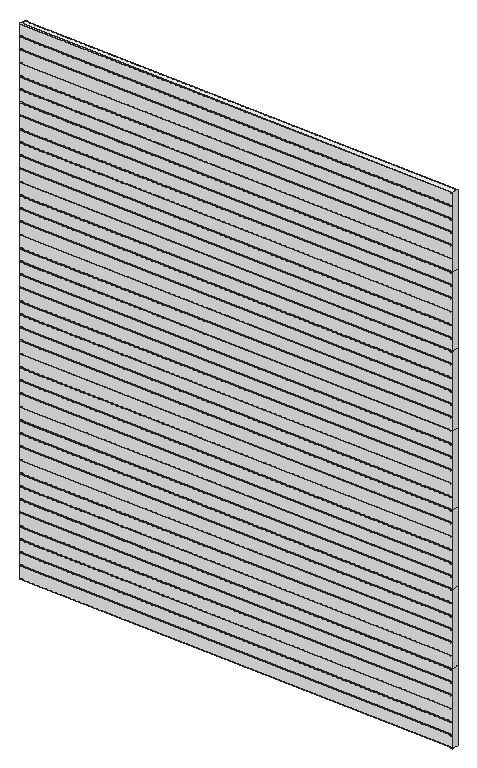
Revit family "3724-1Basic", category Doors, host Wall, Revit 2023
Family settings
  Host = Wall
  OmniClass Number = 23.30.10.17.37.14
  OmniClass Title = Sectional Overhead Doors
  Always vertical = Yes
  Cut with Voids When Loaded = No
  Shared = No
  Room Calculation Point = No
Parameters (values of type "By Type")
  Windload = "Doors available rated for various design pressures; consult Clopay for avaialbility and specifications"
  VisSection6 = NumSections = 6  # no
  VisSection5 = NumSections > 4  # yes
  VisSection4 = NumSections > 3  # yes
  VisSection3 = NumSections > 2  # yes
  VisArray = NumSections > 6  # yes
  URL = "www.clopaydoor.com"
  Track = "Galvanized steel (gauge varies according to door size)"
  Thickness = 0' - 2"  # constant formula
  Spec Wizard = "http://www.arcat.com/specwizard/08360clo/index.htm"
  Section Height = Height / NumSections  # 2' - 0"
  Sales Information = "http://www.clopaydoor.com/where-to-buy.aspx?type=dealer"
  Rough Width = 0' - 0"  # constant formula
  Rough Height = 0' - 0"  # constant formula
  R-Value = "17.2"
  Product Features and Benefits = "http://www.clopaydoor.com/insulated-polyurethane-applications.aspx"
  Overlapping Jamb = yes
  Overlap = if(Overlapping Jamb, 0' 1", 0' 0")  # 0' - 1"
  Opening Width = 12' - 0"
  Opening Height = 14' - 0"
  Omniclass Table = "23-30 10 17 37 "
  NumSectionsNotRounded = Height / 2' 0"  # 7
  NumSections = NumSectionsNotRounded + 0.4999  # 7
  NumArraySections = if(NumSections > 6, NumSections - 5, 2)  # 2
  Model = "3724"
  Maximum Size = "Maximum 32' 2'' wide by 26' 0'' high. Additional limitations may apply do to door weight. Consult Clopay for specificiations and shop drawings."  # constant formula
  Manufacturer Website = "http://www.clopaydoor.com"
  Manufacturer Phone Number = "1-800-526-4301"
  Manufacturer Address = "1400 W. Market St., Troy, OH 45373"
  Manufacturer = "Clopay Building Products Company"
  LEED = "http://products.construction.com/swts_content_files/151607/303186.pdf"
  Keynote = "08 36 13"
  Interior Steel = "28 ga. galvanized, primed, and finish painted"
  Hardware = "14 ga. min. steel hinges; 10-ball steel rollers"
  GreenFormat = "http://www.greenformat.com/products/1536-Polyurethane%20Insulated%20Doors.rtf"
  Function = Interior
  Height = Opening Height + Rough Width * 0  # 14' - 0"
  Wall Closure = By host
  Width = Opening Width + Rough Width * 0  # 12' - 0"
  FloorToSection7 = 6 * Section Height  # 12' - 0"
  FloorToSection6 = 5 * Section Height  # 10' - 0"
  FloorToSection5 = 4 * Section Height  # 8' - 0"
  FloorToSection4 = 3 * Section Height  # 6' - 0"
  FloorToSection3 = 2 * Section Height  # 4' - 0"
  FloorToSection2 = Section Height  # 2' - 0"
  File Revision = "00 (March, 2013)"
  Exterior Steel = "24 ga. galvanized, primed, and finish painted"
  Double End Stiles = Door Width > 14' 2"  # no
  Door Width = Opening Width + Overlap * 2  # 12' - 2"
  Door Height = Opening Height + Rough Width * 0  # 14' - 0"
  Description = "2'' thick polyurethane insulated, stucco embossed 24 gauge steel exterior with light ribbed pattern."
  Core Material = "Expanded polyurethane"
  Copyright = "2013, Clopay Building Products Company, Inc."
  Color = White
  CAD and Specifications = "http://www.clopaydoor.com/insulated-polyurethane-specs.aspx"
  Assembly Code = "B2030410"
Reference planes (in)
  plane 1 "Center (Front/Back)": y = 0
  plane 2 "Center (Left/Right)": x = 0
  plane 3 "Left": x = -72
  plane 4 "Right": x = 72
  plane 5 "Top": z = 168
  plane 6 "Exterior": y = 3
  plane 7 "Interior": y = -3
  plane 8: z = 120
  plane 9: z = 144
Lines and regions (in)
  Opening 1
    outline origin (-90, -3, 0) x (1, 0, 0) y (0, 0, 1)
      loop
        line (18, 0) -> (162, 0) -> (162, 168) -> (18, 168) -> (18, 0)
Text (in)
  text "Exterior" at (-74.96733, 27.31104, 0), in view "Ref. Level"
  text "Interior" at (-74.96733, -25.14366, 0), in view "Ref. Level"
  text "Exterior" at (0, 40.15149, 123.01588), in view "Right"
  text "Interior" at (0, -64.39139, 123.01588), in view "Right"
  text "Interior" at (0, -31.01599, 123.00693), in view "Left"
  text "Exterior" at (0, 54.57065, 123.00693), in view "Left"
Dimensions and locks (in)
  equal spacing: plane 3 "Left", plane 2 "Center (Left/Right)", plane 4 "Right"
  "Height": level to plane 5 "Top"
  "Width": plane 3 "Left" to plane 4 "Right"
  host wall to plane 5 "Top" = 14' - 0"
  nested 1 to plane 7 "Interior" = 0' - 0 1/2"
  "FloorToSection6": plane 8 to level
  "FloorToSection7": plane 9 to level
  group 1 to group 2 = 0' - 0"  (x2)
  group 1 to group 2 = 2' - 0"
  host wall to host wall = 67' - 6"
  aligned and locked: plane 3 "Left" to Opening 1 sketch curve
  aligned and locked: plane 5 "Top" to Opening 1 sketch curve  (x2)
  aligned and locked: Opening 1 sketch curve to plane 4 "Right"
  aligned and locked: Opening 1 sketch curve to level
  aligned and locked: plane 6 "Exterior" to host wall
  aligned and locked: host wall to plane 7 "Interior"
  aligned and locked: plane 2 "Center (Left/Right)" to nested 2
  aligned and locked: plane 2 "Center (Left/Right)" to nested 3
  aligned and locked: plane 2 "Center (Left/Right)" to nested 4
  aligned and locked: plane 2 "Center (Left/Right)" to nested 5
  aligned and locked: plane 2 "Center (Left/Right)" to nested 7
  aligned and locked: nested 7 to plane 8
  aligned and locked: nested 8 to plane 9
  aligned and locked: plane 7 "Interior" to nested 2
  aligned and locked: plane 7 "Interior" to nested 7
  aligned and locked: host wall to nested 8
  aligned and locked: plane 7 "Interior" to nested 3
  aligned and locked: host wall to nested 3
  aligned and locked: plane 7 "Interior" to nested 1
  aligned and locked: nested 2 to host wall
  aligned and locked: plane 7 "Interior" to nested 6
  aligned and locked: plane 7 "Interior" to nested 5
  aligned and locked: host wall to nested 7
  aligned and locked: plane 7 "Interior" to nested 4
Nested families (in)
  nested 1: "Section" at (0, 0, 0), type "Solid"
  nested 2: "Section" at (0, 0, 24), built-in parameter 1001364 <- "Section Height", type "Solid"
  nested 3: "Section" at (0, 0, 48), built-in parameter 1001364 <- "FloorToSection3", visible <- "VisSection3", type "Solid"
  nested 4: "Section" at (0, 0, 120), built-in parameter 1001364 <- "FloorToSection6", visible <- "VisSection6", type "Solid"
  nested 5: "Section" at (0, 0, 96), built-in parameter 1001364 <- "FloorToSection5", visible <- "VisSection5", type "Solid"
  nested 6: "Section" at (0, 0, 72), built-in parameter 1001364 <- "FloorToSection4", visible <- "VisSection4", type "Solid"
  nested 7: "Section" at (0, 0, 120), visible <- "VisArray", type "Solid"
  nested 8: "Section" at (0, 0, 144), visible <- "VisArray", type "Solid"
Definition of nested family "Section"
  Parameters
    X9 = if(if(NumArrayedWindows < NumWindows, NumArrayedWindows + 1, NumWindows) < 9, X1, X8 + 3' 8")  # 1' - 5 1/2"
    X8 = if(if(NumArrayedWindows < NumWindows, NumArrayedWindows + 1, NumWindows) < 8, X1, X7 + 3' 8")  # 1' - 5 1/2"
    X7 = if(if(NumArrayedWindows < NumWindows, NumArrayedWindows + 1, NumWindows) < 7, X1, X6 + 3' 8")  # 1' - 5 1/2"
    X6 = if(if(NumArrayedWindows < NumWindows, NumArrayedWindows + 1, NumWindows) < 6, X1, X5 + 3' 8")  # 1' - 5 1/2"
    X5 = if(if(NumArrayedWindows < NumWindows, NumArrayedWindows + 1, NumWindows) < 5, X1, X4 + 3' 8")  # 1' - 5 1/2"
    X4 = if(if(NumArrayedWindows < NumWindows, NumArrayedWindows + 1, NumWindows) < 4, X1, X3 + 3' 8")  # 1' - 5 1/2"
    X3 = if(NumWindows < 3, X1, X2 + 3' 8")  # 8' - 9 1/2"
    X2 = if(NumWindows < 2, ((Door Width - (NumWindows - 1) * 3' 8") / 2 - Cutout Width / 2), ((Door Width - (NumWindows - 1) * 3' 8") / 2 - Cutout Width / 2) + 3' 8")  # 5' - 1 1/2"
    WindowVis = no
    WindowCutDepth = -0' - 0 13/128"
    Section Height = 2' - 0"
    RibSpacing = Section Height / (NumRibs + 1)  # 0' - 4"
    NumWindows = if(Door Width < 9' 4", 2, if(Door Width < 13' 4", 3, if(Door Width < 16' 4", 4, if(Door Width < 20' 4", 5, if(Door Width < 24' 4", 6, if(Door Width < 26' 4", 7, if(Door Width < 31' 8", 8, 10)))))))  # 3
    NumRibs = if(Section Height < 1' 9", 3, if(Section Height < 2' 0", 4, 5))  # 5
    NumArrayedWindows = if(X2 = X1, NumWindows - 2, NumWindows)  # 3
    Half Section Height = Section Height / 2  # 1' - 0"
    Half Door Width Neg = -Half Door Width  # -6' - 1"
    Half Door Width = Door Width / 2  # 6' - 1"
    Half Cutout Height = Cutout Height / 2  # 0' - 3 1/2"
    Function = (empty or 0)
    Height = 0' - 0"
    Wall Closure = (empty or 0)
    Width = 0' - 0"
    X1 = if(or(Door Width > 31' 6", and(Door Width > 26' 2", Door Width < 28' 1"), Door Width = 24' 3", Door Width = 24' 4", and(Door Width > 20' 2", Door Width < 20' 11"), and(Door Width > 16' 2", Door Width < 17' 3")), X2, (Door Width - (NumWindows - 1) * 3' 8") / 2 - Cutout Width / 2)  # 1' - 5 1/2"
    Door Width = 12' - 2"
    CutoutToCutout = 1' - 0"
    Cutout Width = 1' - 11"
    Cutout Height = 0' - 7"
    Color = none
    BtmTo1stRib = RibSpacing  # 0' - 4"
    Assembly Code = ""
  Reference planes (in)
    plane 1 "Center (Front/Back)": y = 0
    plane 2 "Center (Left/Right)": x = 0
    plane 3 "Exterior": y = 3
    plane 4 "Interior": y = -3
    plane 5: y = -3.5
    plane 6: x = 73
    plane 7: x = -73
    plane 8: z = 4
    plane 9: z = 8
    plane 10: z = 24
    plane 11: z = 12
    plane 12: z = 0
  Forms (in)
    Extrusion 1, solid, material <- "Color"
      sketch origin (-73, -12, 83.08252) x (0, 0, 1) y (0, -1, 0)
        loop
          line (-59.08252, -8.37573) -> (-59.08252, -6.62444)
          arc (-59.08252, -6.62444) -> (-59.11897, -6.53645) -> (-59.20696, -6.5) r 0.12444
          line (-59.20696, -6.5) -> (-82.95809, -6.5)
          arc (-82.95809, -6.5) -> (-83.04608, -6.53645) -> (-83.08252, -6.62444) r 0.12444
          line (-83.08252, -6.62444) -> (-83.08252, -8.37573)
          arc (-83.08252, -8.37573) -> (-83.04612, -8.4636) -> (-82.95825, -8.5) r 0.12427
          line (-82.95825, -8.5) -> (-59.20679, -8.5)
          arc (-59.20679, -8.5) -> (-59.11892, -8.4636) -> (-59.08252, -8.37573) r 0.12427
      from 0 to 146 <- "Door Width"
    Extrusion 2, void
      sketch origin (0, 0, -0.5) x (0, -1, 0) y (0, 0, 1)
        loop
          line (3.5, 4.62727) -> (3.5, 4.37273) -> (3.53032, 4.41942)
          arc (3.53032, 4.41942) -> (3.53753, 4.43506) -> (3.54, 4.4521) r 0.06
          line (3.54, 4.4521) -> (3.54, 4.5479)
          arc (3.54, 4.5479) -> (3.53753, 4.56494) -> (3.53032, 4.58058) r 0.06
          line (3.53032, 4.58058) -> (3.5, 4.62727)
      from -73 <- "Half Door Width Neg" to 146 <- "Door Width"
    Extrusion 3, void
      sketch origin (0, 0, 3.5) x (0, -1, 0) y (0, 0, 1)
        loop
          line (3.5, 4.62727) -> (3.5, 4.37273) -> (3.53032, 4.41942)
          arc (3.53032, 4.41942) -> (3.53753, 4.43506) -> (3.54, 4.4521) r 0.06
          line (3.54, 4.4521) -> (3.54, 4.5479)
          arc (3.54, 4.5479) -> (3.53753, 4.56494) -> (3.53032, 4.58058) r 0.06
          line (3.53032, 4.58058) -> (3.5, 4.62727)
      from -73 <- "Half Door Width Neg" to 146 <- "Door Width"
    Extrusion 4, void
      sketch origin (0, 0, 7.5) x (0, -1, 0) y (0, 0, 1)
        loop
          line (3.5, 4.62727) -> (3.5, 4.37273) -> (3.53032, 4.41942)
          arc (3.53032, 4.41942) -> (3.53753, 4.43506) -> (3.54, 4.4521) r 0.06
          line (3.54, 4.4521) -> (3.54, 4.5479)
          arc (3.54, 4.5479) -> (3.53753, 4.56494) -> (3.53032, 4.58058) r 0.06
          line (3.53032, 4.58058) -> (3.5, 4.62727)
      from -73 <- "Half Door Width Neg" to 146 <- "Door Width"
    Extrusion 5, void
      sketch origin (0, -8.99984, -0.5) x (0, 1, 0) y (0, 0, -1)
        loop
          line (3.5, -4.62727) -> (3.53032, -4.58058)
          arc (3.53032, -4.58058) -> (3.53753, -4.56494) -> (3.54, -4.5479) r 0.06
          line (3.54, -4.5479) -> (3.54, -4.4521)
          arc (3.54, -4.4521) -> (3.53753, -4.43506) -> (3.53032, -4.41942) r 0.06
          line (3.53032, -4.41942) -> (3.5, -4.37273) -> (3.5, -4.62727)
      from -73 <- "Half Door Width Neg" to 146 <- "Door Width"
    Extrusion 6, void
      sketch origin (0, -8.99984, 3.5) x (0, 1, 0) y (0, 0, -1)
        loop
          line (3.5, -4.62727) -> (3.53032, -4.58058)
          arc (3.53032, -4.58058) -> (3.53753, -4.56494) -> (3.54, -4.5479) r 0.06
          line (3.54, -4.5479) -> (3.54, -4.4521)
          arc (3.54, -4.4521) -> (3.53753, -4.43506) -> (3.53032, -4.41942) r 0.06
          line (3.53032, -4.41942) -> (3.5, -4.37273) -> (3.5, -4.62727)
      from -73 <- "Half Door Width Neg" to 146 <- "Door Width"
    Extrusion 7, void
      sketch origin (0, -8.99984, 7.5) x (0, 1, 0) y (0, 0, -1)
        loop
          line (3.5, -4.62727) -> (3.53032, -4.58058)
          arc (3.53032, -4.58058) -> (3.53753, -4.56494) -> (3.54, -4.5479) r 0.06
          line (3.54, -4.5479) -> (3.54, -4.4521)
          arc (3.54, -4.4521) -> (3.53753, -4.43506) -> (3.53032, -4.41942) r 0.06
          line (3.53032, -4.41942) -> (3.5, -4.37273) -> (3.5, -4.62727)
      from -73 <- "Half Door Width Neg" to 146 <- "Door Width"
    Extrusion 8, void
      sketch origin (0, 0, 11.5) x (0, -1, 0) y (0, 0, 1)
        loop
          line (3.5, 4.62727) -> (3.5, 4.37273) -> (3.53032, 4.41942)
          arc (3.53032, 4.41942) -> (3.53753, 4.43506) -> (3.54, 4.4521) r 0.06
          line (3.54, 4.4521) -> (3.54, 4.5479)
          arc (3.54, 4.5479) -> (3.53753, 4.56494) -> (3.53032, 4.58058) r 0.06
          line (3.53032, 4.58058) -> (3.5, 4.62727)
      from -73 <- "Half Door Width Neg" to 146 <- "Door Width"
    Extrusion 9, void
      sketch origin (0, -8.99984, 11.5) x (0, 1, 0) y (0, 0, -1)
        loop
          line (3.5, -4.62727) -> (3.53032, -4.58058)
          arc (3.53032, -4.58058) -> (3.53753, -4.56494) -> (3.54, -4.5479) r 0.06
          line (3.54, -4.5479) -> (3.54, -4.4521)
          arc (3.54, -4.4521) -> (3.53753, -4.43506) -> (3.53032, -4.41942) r 0.06
          line (3.53032, -4.41942) -> (3.5, -4.37273) -> (3.5, -4.62727)
      from -73 <- "Half Door Width Neg" to 146 <- "Door Width"
    Extrusion 10, void
      sketch origin (0, 0, 15.5) x (0, -1, 0) y (0, 0, 1)
        loop
          line (3.5, 4.62727) -> (3.5, 4.37273) -> (3.53032, 4.41942)
          arc (3.53032, 4.41942) -> (3.53753, 4.43506) -> (3.54, 4.4521) r 0.06
          line (3.54, 4.4521) -> (3.54, 4.5479)
          arc (3.54, 4.5479) -> (3.53753, 4.56494) -> (3.53032, 4.58058) r 0.06
          line (3.53032, 4.58058) -> (3.5, 4.62727)
      from -73 <- "Half Door Width Neg" to 146 <- "Door Width"
    Extrusion 11, void
      sketch origin (0, -8.99984, 15.5) x (0, 1, 0) y (0, 0, -1)
        loop
          line (3.5, -4.62727) -> (3.53032, -4.58058)
          arc (3.53032, -4.58058) -> (3.53753, -4.56494) -> (3.54, -4.5479) r 0.06
          line (3.54, -4.5479) -> (3.54, -4.4521)
          arc (3.54, -4.4521) -> (3.53753, -4.43506) -> (3.53032, -4.41942) r 0.06
          line (3.53032, -4.41942) -> (3.5, -4.37273) -> (3.5, -4.62727)
      from -73 <- "Half Door Width Neg" to 146 <- "Door Width"
  Cuts and joins
    Extrusion 2, Extrusion 3, Extrusion 4, Extrusion 5, Extrusion 6, Extrusion 7, Extrusion 8, Extrusion 9, Extrusion 10, Extrusion 11 cuts Extrusion 1
  Lines and regions (in)
    reference lines
      curve 1: line (-72, -3.54, 4) -> (-72, -3.5, 4)
      curve 2: line (-72, -5.45984, 4) -> (-72, -5.49984, 4)
      curve 3: line (-72, -3.54, 8) -> (-72, -3.5, 8)
      curve 4: line (-72, -3.54, 12) -> (-72, -3.5, 12)
      curve 5: line (-72, -5.45984, 4) -> (-72, -5.49984, 4)
      curve 6: line (-72, -5.45984, 8) -> (-72, -5.49984, 8)
      curve 7: line (-72, -5.45984, 12) -> (-72, -5.49984, 12)
      curve 8: line (-72, -3.54, 16) -> (-72, -3.5, 16)
      curve 9: line (-72, -5.45984, 16) -> (-72, -5.49984, 16)
      curve 10: line (-72, -3.54, 20) -> (-72, -3.5, 20)
      curve 11: line (-72, -5.45984, 20) -> (-72, -5.49984, 20)
  Text (in)
    text "Exterior" at (-74.96733, 27.31104, 0), in view "Ref. Level"
    text "Interior" at (-74.96733, -25.14366, 0), in view "Ref. Level"
    text "Exterior" at (0, 40.15149, 123.01588), in view "Right"
    text "Interior" at (0, -64.39139, 123.01588), in view "Right"
    text "Interior" at (0, -31.01599, 123.00693), in view "Left"
    text "Exterior" at (0, 54.57065, 123.00693), in view "Left"
  Dimensions and locks (in)
    plane 4 "Interior" to plane 5 = 0' - 0 1/2"
    "Half Door Width": plane 2 "Center (Left/Right)" to plane 7
    "Half Door Width": plane 6 to plane 2 "Center (Left/Right)"
    Extrusion 1 sketch curve to Extrusion 1 sketch curve = 0' - 2"
    Extrusion 2 sketch curve to Extrusion 2 sketch curve = 0' - 0.25454"
    Extrusion 2 sketch curve to Extrusion 2 sketch curve = 0' - 0.04"  (x2)
    "BtmTo1stRib": plane 8 to level
    curve 1 to Extrusion 2 sketch curve = 0' - 0.12727"
    "RibSpacing": plane 9 to plane 8
    "Section Height": plane 10 to level
    Extrusion 3 sketch curve to Extrusion 3 sketch curve = 0' - 0.25454"
    Extrusion 3 sketch curve to Extrusion 3 sketch curve = 0' - 0.04"  (x2)
    curve 3 to Extrusion 3 sketch curve = 0' - 0.12727"
    equal spacing: group 1, group 2, group 3, group 4, group 5  (x3)
    Extrusion 4 sketch curve to Extrusion 4 sketch curve = 0' - 0.25454"
    Extrusion 4 sketch curve to Extrusion 4 sketch curve = 0' - 0.04"  (x2)
    curve 4 to Extrusion 4 sketch curve = 0' - 0.12727"
    Extrusion 5 sketch curve to Extrusion 5 sketch curve = 0' - 0.25454"
    Extrusion 5 sketch curve to Extrusion 5 sketch curve = 0' - 0.04"  (x2)
    Extrusion 5 sketch curve to curve 5 = 0' - 0.12727"
    Extrusion 6 sketch curve to Extrusion 6 sketch curve = 0' - 0.25454"
    Extrusion 6 sketch curve to Extrusion 6 sketch curve = 0' - 0.04"  (x2)
    Extrusion 6 sketch curve to curve 6 = 0' - 0.12727"
    Extrusion 7 sketch curve to Extrusion 7 sketch curve = 0' - 0.25454"
    Extrusion 7 sketch curve to Extrusion 7 sketch curve = 0' - 0.04"  (x2)
    Extrusion 7 sketch curve to curve 7 = 0' - 0.12727"
    "Half Section Height": level to plane 11
    Extrusion 8 sketch curve to Extrusion 8 sketch curve = 0' - 0.25454"
    Extrusion 8 sketch curve to Extrusion 8 sketch curve = 0' - 0.04"  (x2)
    curve 8 to Extrusion 8 sketch curve = 0' - 0.12727"
    Extrusion 9 sketch curve to Extrusion 9 sketch curve = 0' - 0.25454"
    Extrusion 9 sketch curve to Extrusion 9 sketch curve = 0' - 0.04"  (x2)
    Extrusion 9 sketch curve to curve 9 = 0' - 0.12727"
    Extrusion 10 sketch curve to Extrusion 10 sketch curve = 0' - 0.25454"
    Extrusion 10 sketch curve to Extrusion 10 sketch curve = 0' - 0.04"  (x2)
    curve 10 to Extrusion 10 sketch curve = 0' - 0.12727"
    Extrusion 11 sketch curve to Extrusion 11 sketch curve = 0' - 0.25454"
    Extrusion 11 sketch curve to Extrusion 11 sketch curve = 0' - 0.04"  (x2)
    Extrusion 11 sketch curve to curve 11 = 0' - 0.12727"
    locked: plane 4 "Interior" to cut or joined group 1 (Extrusion 1, Extrusion 2, Extrusion 3, Extrusion 4, Extrusion 5, Extrusion 6, Extrusion 7, Extrusion 8, Extrusion 9, Extrusion 10, Extrusion 11) at 0.5
    radius of Extrusion 1 sketch curve = 0' - 0.12427"  (x2)
    radius of Extrusion 1 sketch curve = 0' - 0.12444"  (x2)
    angle Extrusion 2 sketch curve to Extrusion 2 sketch curve = 147.00°  (x2)
    angle Extrusion 3 sketch curve to Extrusion 3 sketch curve = 147.00°  (x2)
    angle Extrusion 4 sketch curve to Extrusion 4 sketch curve = 147.00°  (x2)
    angle Extrusion 5 sketch curve to Extrusion 5 sketch curve = 147.00°  (x2)
    angle Extrusion 6 sketch curve to Extrusion 6 sketch curve = 147.00°  (x2)
    angle Extrusion 7 sketch curve to Extrusion 7 sketch curve = 147.00°  (x2)
    angle Extrusion 8 sketch curve to Extrusion 8 sketch curve = 147.00°  (x2)
    angle Extrusion 9 sketch curve to Extrusion 9 sketch curve = 147.00°  (x2)
    angle Extrusion 10 sketch curve to Extrusion 10 sketch curve = 147.00°  (x2)
    angle Extrusion 11 sketch curve to Extrusion 11 sketch curve = 147.00°  (x2)
    aligned and locked: Extrusion 1 sketch curve to plane 5
    aligned and locked: plane 8 to curve 1
    aligned and locked: plane 9 to curve 3
    aligned: cut or joined group 1 to cut or joined group 1  (x9)
    aligned and locked: plane 12 to level
  Automatic sketch dimensions
    curve 2 to curve 1 = 0' - 1.91984"
    curve 1 to curve 1 = 0' - 0.04"  (x2)
    curve 1 to curve 2 = 0' - 1.91984"
    curve 2 to curve 2 = 0' - 0.04"  (x2)
    Extrusion 2 sketch curve to Extrusion 2 sketch curve = 0' - 0"
    Extrusion 2 sketch curve to Extrusion 2 sketch curve = 0' - 0.02"
    Extrusion 2 sketch curve to Extrusion 2 sketch curve = 0' - 0.00968"  (x2)
    curve 5 to curve 1 = 0' - 0"
    curve 1 to curve 5 = 0' - 1.91984"
    curve 5 to curve 5 = 0' - 0.04"
    Extrusion 5 sketch curve to Extrusion 5 sketch curve = 0' - 0"
    Extrusion 5 sketch curve to Extrusion 5 sketch curve = 0' - 0.02"
    Extrusion 5 sketch curve to Extrusion 5 sketch curve = 0' - 0.00968"  (x2)
    Extrusion 3 sketch curve to Extrusion 3 sketch curve = 0' - 0"
    Extrusion 3 sketch curve to Extrusion 3 sketch curve = 0' - 0.02"
    Extrusion 3 sketch curve to Extrusion 3 sketch curve = 0' - 0.00968"  (x2)
    curve 6 to curve 3 = 0' - 0"
    curve 3 to curve 3 = 0' - 0.04"
    curve 3 to curve 6 = 0' - 1.91984"
    curve 6 to curve 6 = 0' - 0.04"
    Extrusion 4 sketch curve to Extrusion 4 sketch curve = 0' - 0"
    Extrusion 4 sketch curve to Extrusion 4 sketch curve = 0' - 0.02"
    Extrusion 4 sketch curve to Extrusion 4 sketch curve = 0' - 0.00968"  (x2)
    curve 7 to curve 4 = 0' - 0"
    curve 4 to curve 4 = 0' - 0.04"
    curve 4 to curve 7 = 0' - 1.91984"
    curve 7 to curve 7 = 0' - 0.04"
    Extrusion 7 sketch curve to Extrusion 7 sketch curve = 0' - 0.00968"
    Extrusion 6 sketch curve to Extrusion 6 sketch curve = 0' - 0.00968"
    curve 2 to plane 8 = 0' - 0"
    curve 2 to plane 5 = 0' - 1.95984"
    Extrusion 1 sketch curve to plane 10 = 0' - 0"
    Extrusion 1 sketch curve to level = 0' - 0"
    Extrusion 8 sketch curve to Extrusion 8 sketch curve = 0' - 0"
    Extrusion 8 sketch curve to Extrusion 8 sketch curve = 0' - 0.02"
    Extrusion 8 sketch curve to Extrusion 8 sketch curve = 0' - 0.00968"  (x2)
    curve 9 to curve 8 = 0' - 0"
    curve 8 to curve 8 = 0' - 0.04"
    curve 8 to curve 9 = 0' - 1.91984"
    curve 9 to curve 9 = 0' - 0.04"
    Extrusion 9 sketch curve to Extrusion 9 sketch curve = 0' - 0"
    Extrusion 9 sketch curve to Extrusion 9 sketch curve = 0' - 0.02"
    Extrusion 9 sketch curve to Extrusion 9 sketch curve = 0' - 0.00968"  (x2)
    Extrusion 10 sketch curve to Extrusion 10 sketch curve = 0' - 0"
    Extrusion 10 sketch curve to Extrusion 10 sketch curve = 0' - 0.02"
    Extrusion 10 sketch curve to Extrusion 10 sketch curve = 0' - 0.00968"  (x2)
    curve 11 to curve 10 = 0' - 0"
    curve 10 to curve 10 = 0' - 0.04"
    curve 10 to curve 11 = 0' - 1.91984"
    curve 11 to curve 11 = 0' - 0.04"
    Extrusion 11 sketch curve to Extrusion 11 sketch curve = 0' - 0"
    Extrusion 11 sketch curve to Extrusion 11 sketch curve = 0' - 0.02"
    Extrusion 11 sketch curve to Extrusion 11 sketch curve = 0' - 0.00968"  (x2)
